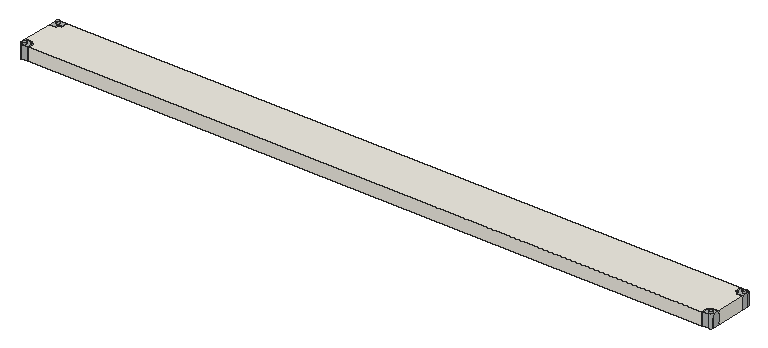
Revit family "HIGHTECH", category Осветительные приборы, Revit 2019 (continued)
Types (32, lengths in mm): name | Файл фотометрической сетки | built-in parameter 1150105 | Lumens | built-in parameter 1150106 | built-in parameter 1150142 | Wattage | Emit from Rectangle Width | Emit from Rectangle Length | Длина | Ширина | ADSK_Ток | ADSK_Полная мощность | ADSK_Обозначение | ADSK_Номинальная мощность | ADSK_Наименование | ADSK_Масса | ADSK_Код изделия
    .548 925.588 885.431 844.090 803.143 760.717 718.389 675.666 632.549 589.038 545.723 502.310 459.390 416.569 373.550 331.617 290.474 250.119 210.948 172.863 \r\n134.679 100.541 68.178 37.591 9.669 0.592 0.592 0.592 0.493 0.493 0.493 0.493 0.493 0.493 0.493 0.493 0.395 0.395 0.395 0.395 0.395 0.395 0.395 0.296 0.296 0.296 0.296 0.296 0.296 0.296 0.296 0.197 \r\n0.197 0.197 0.197 0.197 0.197 0.197 0.197 0.098 0.098 0.098 0.098 0.098 0.098 0.098 0.098 0.000 0.000 0.000 0.000 \r\n1417.637 1416.551 1412.309 1405.895 1396.621 1385.373 1371.559 1354.786 1336.237 1315.419 1292.232 1266.875 1239.742 1210.733 1179.851 1147.390 1113.942 1078.816 \r\n1042.310 1004.521 966.238 926.279 886.121 844.879 803.834 761.408 719.080 676.357 633.240 589.728 546.315 502.902 459.982 417.062 374.043 332.110 290.967 250.513 211.343 173.258 \r\n135.074 100.837 68.376 37.888 9.965 0.592 0.592 0.592 0.493 0.493 0.493 0.493 0.493 0.493 0.493 0.493 0.395 0.395 0.395 0.395 0.395 0.395 0.395 0.296 0.296 0.296 0.296 0.296 0.296 0.296 0.296 0.197 \r\n0.197 0.197 0.197 0.197 0.197 0.197 0.197 0.098 0.098 0.098 0.098 0.098 0.098 0.098 0.098 0.000 0.000 0.000 0.000 \r\n1417.637 1416.650 1412.407 1406.093 1396.917 1385.669 1371.954 1355.181 1336.632 1315.912 1292.725 1267.368 1240.334 1211.325 1180.443 1147.982 1114.633 1079.409 \r\n1042.903 1005.212 966.929 926.969 886.812 845.569 804.524 762.098 719.770 677.048 633.832 590.320 546.907 503.494 460.574 417.654 374.636 332.603 291.460 250.908 211.738 173.653 \r\n135.371 101.133 68.671 38.086 10.163 0.592 0.592 0.592 0.493 0.493 0.493 0.493 0.493 0.493 0.493 0.493 0.395 0.395 0.395 0.395 0.395 0.395 0.395 0.296 0.296 0.296 0.296 0.296 0.296 0.296 0.296 0.197 \r\n0.197 0.197 0.197 0.197 0.197 0.197 0.197 0.098 0.098 0.098 0.098 0.098 0.098 0.098 0.098 0.000 0.000 0.000 0.000 \r\n1417.637 1416.650 1412.506 1406.191 1397.114 1385.866 1372.250 1355.576 1337.027 1316.307 1293.218 1267.861 1240.827 1211.918 1181.035 1148.672 1115.225 1080.099 \r\n1043.593 1005.902 967.620 927.660 887.503 846.260 805.215 762.789 720.461 677.739 634.523 591.011 547.598 504.086 461.166 418.247 375.129 333.098 291.855 251.401 212.132 173.948 \r\n135.666 101.429 68.968 38.381 10.360 0.592 0.592 0.592 0.493 0.493 0.493 0.493 0.493 0.493 0.493 0.493 0.395 0.395 0.395 0.395 0.395 0.395 0.395 0.296 0.296 0.296 0.296 0.296 0.296 0.296 0.296 0.197 \r\n0.197 0.197 0.197 0.197 0.197 0.197 0.197 0.098 0.098 0.098 0.098 0.098 0.098 0.098 0.098 0.000 0.000 0.000 0.000 \r\n1417.637 1416.650 1412.604 1406.389 1397.311 1386.162 1372.546 1355.871 1337.421 1316.701 1293.613 1268.355 1241.320 1212.411 1181.627 1149.265 1115.816 1080.691 \r\n1044.284 1006.593 968.212 928.351 888.194 846.951 805.906 763.479 721.151 678.429 635.213 591.702 548.190 504.777 461.758 418.740 375.721 333.591 292.348 251.796 212.527 174.343 \r\n135.962 101.627 69.165 38.579 10.557 0.592 0.592 0.592 0.493 0.493 0.493 0.493 0.493 0.493 0.493 0.395 0.395 0.395 0.395 0.395 0.395 0.395 0.395 0.296 0.296 0.296 0.296 0.296 0.296 0.296 0.296 0.197 \r\n0.197 0.197 0.197 0.197 0.197 0.197 0.197 0.098 0.098 0.098 0.098 0.098 0.098 0.098 0.098 0.000 0.000 0.000 0.000 \r\n1417.637 1416.749 1412.704 1406.586 1397.607 1386.458 1372.941 1356.266 1337.815 1317.095 1294.106 1268.848 1241.813 1213.003 1182.219 1149.856 1116.409 1081.382 \r\n1044.876 1007.283 968.902 929.042 888.885 847.642 806.597 764.170 721.843 679.120 635.806 592.293 548.881 505.368 462.351 419.332 376.214 334.084 292.841 252.191 212.922 174.738 \r\n136.357 101.922 69.461 38.776 10.853 0.592 0.592 0.592 0.493 0.493 0.493 0.493 0.493 0.493 0.493 0.395 0.395 0.395 0.395 0.395 0.395 0.395 0.395 0.296 0.296 0.296 0.296 0.296 0.296 0.296 0.296 0.197 \r\n0.197 0.197 0.197 0.197 0.197 0.197 0.197 0.098 0.098 0.098 0.098 0.098 0.098 0.098 0.098 0.000 0.000 0.000 0.000 \r\n1417.637 1416.749 1412.802 1406.684 1397.805 1386.754 1373.237 1356.661 1338.210 1317.589 1294.599 1269.341 1242.406 1213.496 1182.811 1150.448 1117.099 1081.974 \r\n1045.566 1007.974 969.593 929.732 889.575 848.333 807.287 764.861 722.533 679.712 636.496 592.985 549.472 505.960 462.942 419.825 376.707 334.577 293.236 252.684 213.317 175.034 \r\n136.652 102.218 69.659 39.072 11.051 0.592 0.592 0.592 0.493 0.493 0.493 0.493 0.493 0.493 0.493 0.395 0.395 0.395 0.395 0.395 0.395 0.395 0.395 0.296 0.296 0.296 0.296 0.296 0.296 0.296 0.296 0.197 \r\n0.197 0.197 0.197 0.197 0.197 0.197 0.197 0.098 0.098 0.098 0.098 0.098 0.098 0.098 0.098 0.000 0.000 0.000 0.000 \r\n1417.637 1416.848 1412.901 1406.882 1398.002 1387.051 1373.533 1356.957 1338.605 1317.983 1294.994 1269.834 1242.899 1214.089 1183.403 1151.041 1117.692 1082.665 \r\n1046.257 1008.566 970.284 930.423 890.266 849.121 807.978 765.552 723.224 680.403 637.187 593.675 550.163 506.553 463.534 420.416 377.300 335.071 293.729 253.079 213.712 175.429 \r\n136.949 102.515 69.954 39.269 11.248 0.592 0.592 0.592 0.493 0.493 0.493 0.493 0.493 0.493 0.493 0.395 0.395 0.395 0.395 0.395 0.395 0.395 0.395 0.296 0.296 0.296 0.296 0.296 0.296 0.296 0.296 0.197 \r\n0.197 0.197 0.197 0.197 0.197 0.197 0.197 0.098 0.098 0.098 0.098 0.098 0.098 0.098 0.098 0.000 0.000 0.000 0.000 \r\n1417.637 1416.848 1412.999 1407.079 1398.298 1387.247 1373.829 1357.352 1339.000 1318.378 1295.488 1270.327 1243.392 1214.680 1183.995 1151.731 1118.283 1083.257 \r\n1046.849 1009.257 970.975 931.113 891.055 849.813 808.668 766.242 723.914 681.093 637.779 594.266 550.755 507.145 464.126 421.009 377.793 335.564 294.222 253.474 214.105 175.823 \r\n137.343 102.810 70.250 39.467 11.445 0.592 0.592 0.592 0.493 0.493 0.493 0.493 0.493 0.493 0.493 0.395 0.395 0.395 0.395 0.395 0.395 0.395 0.395 0.296 0.296 0.296 0.296 0.296 0.296 0.296 0.296 0.197 \r\n0.197 0.197 0.197 0.197 0.197 0.197 0.197 0.098 0.098 0.098 0.098 0.098 0.098 0.098 0.098 0.000 0.000 0.000 0.000 \r\n1417.637 1416.946 1413.098 1407.178 1398.495 1387.544 1374.223 1357.747 1339.395 1318.773 1295.882 1270.822 1243.886 1215.174 1184.587 1152.323 1118.974 1083.848 \r\n1047.540 1009.947 971.665 931.903 891.746 850.503 809.359 766.933 724.507 681.784 638.470 594.958 551.445 507.836 464.718 421.502 378.287 336.057 294.617 253.967 214.500 176.119 \r\n137.640 103.106 70.447 39.762 11.741 0.592 0.592 0.592 0.493 0.493 0.493 0.493 0.493 0.493 0.493 0.395 0.395 0.395 0.395 0.395 0.395 0.395 0.395 0.296 0.296 0.296 0.296 0.296 0.296 0.296 0.296 0.197 \r\n0.197 0.197 0.197 0.197 0.197 0.197 0.197 0.098 0.098 0.098 0.098 0.098 0.098 0.098 0.098 0.000 0.000 0.000 0.000 \r\n1417.637 1416.946 1413.197 1407.376 1398.693 1387.839 1374.520 1358.042 1339.789 1319.168 1296.376 1271.315 1244.477 1215.765 1185.179 1152.915 1119.566 1084.539 \r\n1048.230 1010.638 972.356 932.594 892.436 851.194 810.050 767.623 725.197 682.474 639.160 595.649 552.038 508.427 465.310 422.094 378.878 336.550 295.111 254.362 214.895 176.514 \r\n137.935 103.403 70.744 39.960 11.939 0.592 0.592 0.592 0.493 0.493 0.493 0.493 0.493 0.493 0.493 0.395 0.395 0.395 0.395 0.395 0.395 0.395 0.395 0.296 0.296 0.296 0.296 0.296 0.296 0.296 0.296 0.197 \r\n0.197 0.197 0.197 0.197 0.197 0.197 0.197 0.098 0.098 0.098 0.098 0.098 0.098 0.098 0.098 0.000 0.000 0.000 0.000 \r\n1417.637 1417.044 1413.295 1407.474 1398.890 1388.135 1374.815 1358.437 1340.184 1319.661 1296.869 1271.808 1244.971 1216.258 1185.673 1153.507 1120.158 1085.131 \r\n1048.823 1011.329 973.046 933.284 893.127 851.884 810.741 768.314 725.888 683.165 639.752 596.240 552.728 509.019 465.902 422.686 379.371 337.044 295.505 254.757 215.388 176.909 \r\n138.232 103.698 70.942 40.157 12.136 0.592 0.592 0.592 0.493 0.493 0.493 0.493 0.493 0.493 0.493 0.395 0.395 0.395 0.395 0.395 0.395 0.395 0.395 0.296 0.296 0.296 0.296 0.296 0.296 0.296 0.296 0.197 \r\n0.197 0.197 0.197 0.197 0.197 0.197 0.197 0.098 0.098 0.098 0.098 0.098 0.098 0.098 0.098 0.000 0.000 0.000 0.000 \r\n1417.637 1417.044 1413.394 1407.671 1399.187 1388.333 1375.111 1358.832 1340.578 1320.056 1297.264 1272.301 1245.464 1216.851 1186.264 1154.099 1120.849 1085.822 \r\n1049.513 1012.020 973.737 933.975 893.818 852.575 811.432 769.004 726.578 683.855 640.443 596.930 553.321 509.611 466.494 423.180 379.964 337.537 295.999 255.250 215.783 177.304 \r\n138.626 103.994 71.237 40.453 12.333 0.592 0.592 0.592 0.493 0.493 0.493 0.493 0.493 0.493 0.493 0.395 0.395 0.395 0.395 0.395 0.395 0.395 0.395 0.296 0.296 0.296 0.296 0.296 0.296 0.296 0.296 0.197 \r\n0.197 0.197 0.197 0.197 0.197 0.197 0.197 0.098 0.098 0.098 0.098 0.098 0.098 0.098 0.098 0.000 0.000 0.000 0.000 \r\n1417.637 1417.143 1413.492 1407.869 1399.383 1388.629 1375.506 1359.226 1340.973 1320.451 1297.757 1272.795 1246.056 1217.443 1186.856 1154.790 1121.441 1086.414 \r\n1050.204 1012.711 974.428 934.665 894.508 853.365 812.122 769.695 727.269 684.448 641.134 597.523 554.011 510.203 467.086 423.772 380.457 338.031 296.492 255.645 216.178 177.599 \r\n138.922 104.291 71.533 40.650 12.629 0.592 0.592 0.592 0.493 0.493 0.493 0.493 0.493 0.493 0.493 0.395 0.395 0.395 0.395 0.395 0.395 0.395 0.395 0.296 0.296 0.296 0.296 0.296 0.296 0.296 0.296 0.197 \r\n0.197 0.197 0.197 0.197 0.197 0.197 0.197 0.098 0.098 0.098 0.098 0.098 0.098 0.098 0.098 0.000 0.000 0.000 0.000 \r\n1417.637 1417.143 1413.592 1407.967 1399.580 1388.925 1375.803 1359.523 1341.367 1320.845 1298.250 1273.288 1246.550 1217.936 1187.448 1155.382 1122.032 1087.105 \r\n1050.894 1013.401 975.119 935.356 895.199 854.055 812.813 770.386 727.959 685.138 641.725 598.213 554.603 510.795 467.678 424.265 380.951 338.524 296.887 256.038 216.573 177.994 \r\n139.218 104.586 71.730 40.848 12.826 0.592 0.592 0.493 0.493 0.493 0.493 0.493 0.493 0.493 0.493 0.395 0.395 0.395 0.395 0.395 0.395 0.395 0.395 0.296 0.296 0.296 0.296 0.296 0.296 0.296 0.296 0.197 \r\n0.197 0.197 0.197 0.197 0.197 0.197 0.197 0.098 0.098 0.098 0.098 0.098 0.098 0.098 0.098 0.000 0.000 0.000 0.000 \r\n1417.637 1417.242 1413.690 1408.165 1399.877 1389.220 1376.098 1359.917 1341.762 1321.339 1298.645 1273.781 1247.043 1218.528 1188.041 1155.974 1122.723 1087.697 \r\n1051.487 1013.993 975.810 936.046 895.889 854.746 813.503 771.077 728.650 685.829 642.416 598.904 555.294 511.486 468.270 424.857 381.542 339.018 297.380 256.533 216.967 178.389 \r\n139.613 104.882 72.026 41.143 13.024 0.592 0.592 0.493 0.493 0.493 0.493 0.493 0.493 0.493 0.493 0.395 0.395 0.395 0.395 0.395 0.395 0.395 0.395 0.296 0.296 0.296 0.296 0.296 0.296 0.296 0.296 0.197 \r\n0.197 0.197 0.197 0.197 0.197 0.197 0.197 0.098 0.098 0.098 0.098 0.098 0.098 0.098 0.098 0.000 0.000 0.000 0.000 \r\n1417.637 1417.242 1413.789 1408.362 1400.075 1389.517 1376.394 1360.311 1342.157 1321.733 1299.138 1274.274 1247.536 1219.022 1188.632 1156.566 1123.315 1088.388 \r\n1052.177 1014.684 976.500 936.738 896.581 855.436 814.194 771.768 729.341 686.519 643.107 599.496 555.885 512.078 468.862 425.449 382.035 339.511 297.873 256.926 217.362 178.685 \r\n139.909 105.079 72.223 41.341 13.221 0.592 0.592 0.493 0.493 0.493 0.493 0.493 0.493 0.493 0.493 0.395 0.395 0.395 0.395 0.395 0.395 0.395 0.395 0.296 0.296 0.296 0.296 0.296 0.296 0.296 0.296 0.197 \r\n0.197 0.197 0.197 0.197 0.197 0.197 0.197 0.098 0.098 0.098 0.098 0.098 0.098 0.098 0.098 0.000 0.000 0.000 0.000 \r\n1417.637 1417.341 1413.986 1408.461 1400.271 1389.715 1376.789 1360.608 1342.552 1322.128 1299.632 1274.768 1248.128 1219.614 1189.224 1157.256 1123.907 1088.980 \r\n1052.868 1015.374 977.191 937.428 897.369 856.127 814.884 772.458 730.032 687.211 643.698 600.187 556.577 512.670 469.454 425.942 382.529 340.004 298.268 257.321 217.756 179.080 \r\n140.204 105.376 72.520 41.538 13.517 0.592 0.592 0.493 0.493 0.493 0.493 0.493 0.493 0.493 0.493 0.395 0.395 0.395 0.395 0.395 0.395 0.395 0.395 0.296 0.296 0.296 0.296 0.296 0.296 0.296 0.296 0.197 \r\n0.197 0.197 0.197 0.197 0.197 0.197 0.197 0.098 0.098 0.098 0.098 0.098 0.098 0.098 0.098 0.000 0.000 0.000 0.000 \r\n1417.637 1417.341 1414.085 1408.658 1400.568 1390.010 1377.085 1361.002 1342.947 1322.522 1300.026 1275.261 1248.621 1220.205 1189.817 1157.849 1124.598 1089.670 \r\n1053.460 1016.065 977.881 938.119 898.060 856.917 815.575 773.149 730.722 687.901 644.390 600.877 557.168 513.262 470.046 426.534 383.121 340.497 298.761 257.814 218.151 179.473 \r\n140.501 105.672 72.816 41.835 13.714 0.592 0.592 0.493 0.493 0.493 0.493 0.493 0.493 0.493 0.493 0.395 0.395 0.395 0.395 0.395 0.395 0.395 0.395 0.296 0.296 0.296 0.296 0.296 0.296 0.296 0.296 0.197 \r\n0.197 0.197 0.197 0.197 0.197 0.197 0.197 0.098 0.098 0.098 0.098 0.098 0.098 0.098 0.098 0.000 0.000 0.000 0.000 \r\n1417.637 1417.439 1414.183 1408.855 1400.765 1390.306 1377.381 1361.397 1343.341 1323.015 1300.520 1275.656 1249.114 1220.699 1190.408 1158.440 1125.190 1090.262 \r\n1054.151 1016.755 978.473 938.809 898.750 857.607 816.266 773.839 731.413 688.592 645.080 601.469 557.859 513.854 470.638 427.126 383.615 340.990 299.254 258.209 218.546 179.770 \r\n140.896 105.967 73.013 42.031 13.912 0.592 0.592 0.493 0.493 0.493 0.493 0.493 0.493 0.493 0.493 0.395 0.395 0.395 0.395 0.395 0.395 0.395 0.395 0.296 0.296 0.296 0.296 0.296 0.296 0.296 0.296 0.197 \r\n0.197 0.197 0.197 0.197 0.197 0.197 0.197 0.098 0.098 0.098 0.098 0.098 0.098 0.098 0.098 0.000 0.000 0.000 0.000 \r\n1417.637 1417.439 1414.282 1408.954 1400.963 1390.603 1377.677 1361.792 1343.735 1323.410 1301.014 1276.149 1249.608 1221.291 1191.000 1159.032 1125.782 1090.953 \r\n1054.841 1017.446 979.164 939.500 899.442 858.298 816.957 774.530 732.103 689.184 645.672 602.160 558.451 514.446 471.230 427.619 384.108 341.484 299.649 258.604 218.940 180.165 \r\n141.191 106.264 73.309 42.229 14.208 0.592 0.592 0.493 0.493 0.493 0.493 0.493 0.493 0.493 0.493 0.395 0.395 0.395 0.395 0.395 0.395 0.395 0.395 0.296 0.296 0.296 0.296 0.296 0.296 0.296 0.296 0.197 \r\n0.197 0.197 0.197 0.197 0.197 0.197 0.197 0.098 0.098 0.098 0.098 0.098 0.098 0.098 0.098 0.000 0.000 0.000 0.000 \r\n1417.637 1417.538 1414.380 1409.152 1401.258 1390.898 1378.072 1362.087 1344.130 1323.805 1301.408 1276.643 1250.200 1221.784 1191.593 1159.625 1126.374 1091.545 \r\n1055.433 1018.137 979.855 940.290 900.133 858.988 817.647 775.221 732.794 689.875 646.362 602.851 559.043 515.137 471.822 428.212 384.700 341.977 300.142 259.097 219.335 180.559 \r\n141.487 106.560 73.506 42.525 14.405 0.592 0.592 0.493 0.493 0.493 0.493 0.493 0.493 0.493 0.493 0.395 0.395 0.395 0.395 0.395 0.395 0.395 0.395 0.296 0.296 0.296 0.296 0.296 0.296 0.296 0.296 0.197 \r\n0.197 0.197 0.197 0.197 0.197 0.197 0.197 0.098 0.098 0.098 0.098 0.098 0.098 0.098 0.098 0.000 0.000 0.000 0.000 \r\n1417.637 1417.538 1414.480 1409.250 1401.456 1391.096 1378.367 1362.482 1344.525 1324.200 1301.902 1277.136 1250.693 1222.376 1192.184 1160.315 1127.064 1092.235 \r\n1056.124 1018.828 980.545 940.980 900.823 859.679 818.338 776.010 733.485 690.565 647.054 603.443 559.734 515.728 472.414 428.705 385.193 342.470 300.537 259.492 219.730 180.856 \r\n141.882 106.855 73.802 42.723 14.602 0.592 0.592 0.493 0.493 0.493 0.493 0.493 0.493 0.493 0.493 0.395 0.395 0.395 0.395 0.395 0.395 0.395 0.395 0.296 0.296 0.296 0.296 0.296 0.296 0.296 0.296 0.197 \r\n0.197 0.197 0.197 0.197 0.197 0.197 0.197 0.098 0.098 0.098 0.098 0.098 0.098 0.098 0.098 0.000 0.000 0.000 0.000 \r\n1417.637 1417.637 1414.578 1409.447 1401.653 1391.391 1378.663 1362.877 1344.920 1324.693 1302.395 1277.630 1251.187 1222.968 1192.678 1160.908 1127.657 1092.827 \r\n1056.814 1019.419 981.236 941.671 901.514 860.369 819.028 776.701 734.175 691.256 647.645 604.133 560.326 516.320 473.006 429.297 385.785 342.963 301.030 259.887 220.125 181.249 \r\n142.178 107.152 74.099 42.920 14.800 0.592 0.592 0.493 0.493 0.493 0.493 0.493 0.493 0.493 0.493 0.395 0.395 0.395 0.395 0.395 0.395 0.395 0.395 0.296 0.296 0.296 0.296 0.296 0.296 0.296 0.296 0.197 \r\n0.197 0.197 0.197 0.197 0.197 0.197 0.197 0.098 0.098 0.098 0.098 0.098 0.098 0.098 0.098 0.000 0.000 0.000 0.000 \r\n1417.637 1417.637 1414.677 1409.645 1401.851 1391.688 1378.960 1363.173 1345.314 1325.088 1302.790 1278.123 1251.680 1223.461 1193.269 1161.499 1128.249 1093.518 \r\n1057.406 1020.110 981.926 942.361 902.204 861.159 819.719 777.391 734.867 691.946 648.335 604.726 561.017 516.913 473.598 429.888 386.279 343.458 301.524 260.3
